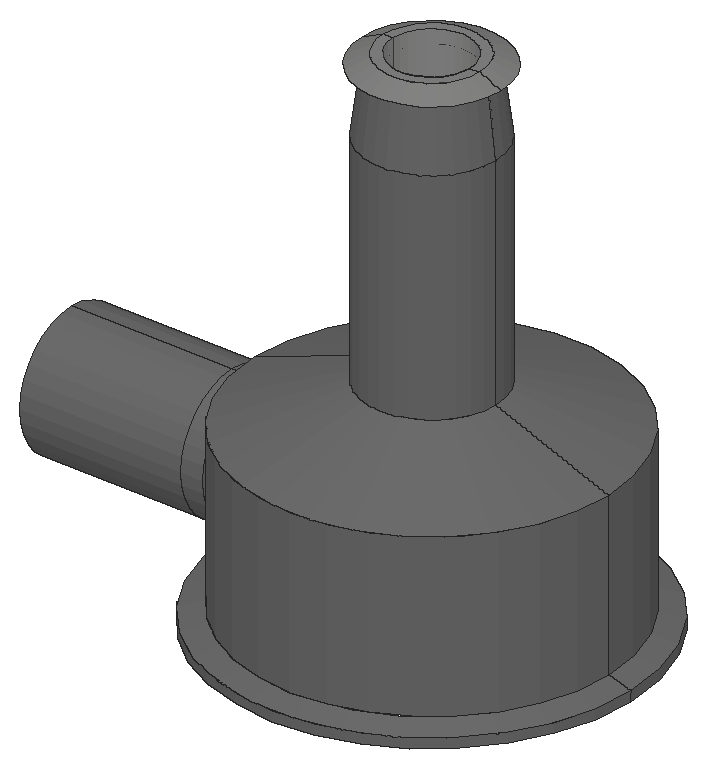
Revit family "Platek_Pico", category Apparecchi per illuminazione, host Superficie, Revit 2017 (continued)
Types (3, lengths in mm): name | Wattage | PLATEK Article Code | built-in parameter 1150142 | Luminaire Luminous Intensity | Luminaire Luminous Flux | built-in parameter 1150105 | built-in parameter 1150106 | Lumens | File diagramma fotometrico | Codice assieme | Beam Angle
  (no name) | 0.572229 W | "8495011" | "IESNA:LM-63-2002\r\n[TEST] 8495011\r\n[TESTLAB] Platek srl\r\n[TESTDATE] 11 Feb 2016\r\n[ISSUEDATE] 11 Feb 2016\r\n[MANUFAC] Platek srl\r\n[LUMCAT] 8495011\r\n[LUMINAIRE] Pico Full Inox 1,4W (LED - 3000K) 20° Medium\r\n[FLASHAREA] 0.000027\r\n[LAMPCAT] LED\r\n[LAMP] LED\r\nTILT=NONE\r\n1 95.00 1.0 91 73 1 2 -0.012 -0.012 0.000\r\n1.00 1.00 1.40\r\n0.00 1.00 2.00 3.00 4.00 5.00 6.00 7.00 8.00 9.00 10.00 \r\n11.00 12.00 13.00 14.00 15.00 16.00 17.00 18.00 19.00 \r\n20.00 21.00 22.00 23.00 24.00 25.00 26.00 27.00 28.00 \r\n29.00 30.00 31.00 32.00 33.00 34.00 35.00 36.00 37.00 \r\n38.00 39.00 40.00 41.00 42.00 43.00 44.00 45.00 46.00 \r\n47.00 48.00 49.00 50.00 51.00 52.00 53.00 54.00 55.00 \r\n56.00 57.00 58.00 59.00 60.00 61.00 62.00 63.00 64.00 \r\n65.00 66.00 67.00 68.00 69.00 70.00 71.00 72.00 73.00 \r\n74.00 75.00 76.00 77.00 78.00 79.00 80.00 81.00 82.00 \r\n83.00 84.00 85.00 86.00 87.00 88.00 89.00 90.00 \r\n0.00 5.00 10.00 15.00 20.00 25.00 30.00 35.00 40.00 45.00 \r\n50.00 55.00 60.00 65.00 70.00 75.00 80.00 85.00 90.00 \r\n95.00 100.00 105.00 110.00 115.00 120.00 125.00 130.00 \r\n135.00 140.00 145.00 150.00 155.00 160.00 165.00 170.00 \r\n175.00 180.00 185.00 190.00 195.00 200.00 205.00 210.00 \r\n215.00 220.00 225.00 230.00 235.00 240.00 245.00 250.00 \r\n255.00 260.00 265.00 270.00 275.00 280.00 285.00 290.00 \r\n295.00 300.00 305.00 310.00 315.00 320.00 325.00 330.00 \r\n335.00 340.00 345.00 350.00 355.00 360.00 \r\n662.15 652.65 641.25 623.20 590.90 547.20 493.05 442.70 \r\n393.30 346.75 299.25 256.50 216.60 179.55 146.30 117.80 \r\n93.20 73.63 57.57 45.22 35.24 27.93 22.42 18.62 15.96 \r\n13.68 11.59 9.97 8.90 8.16 7.28 6.17 5.21 4.37 3.69 2.78 \r\n2.09 1.57 1.45 1.32 1.16 1.03 0.99 1.07 1.06 1.11 1.11 \r\n1.19 1.22 1.34 1.43 1.47 1.32 1.16 1.01 0.98 0.88 0.79 \r\n0.61 0.50 0.41 0.38 0.33 0.27 0.22 0.20 0.22 0.21 0.18 \r\n0.13 0.10 0.07 0.06 0.05 0.04 0.03 0.03 0.02 0.03 0.03 \r\n0.03 0.02 0.01 0.00 0.00 0.00 0.00 0.00 0.00 0.00 0.00 \r\n662.15 649.80 638.40 623.20 591.85 547.20 493.05 443.65 \r\n395.20 347.70 299.25 255.55 214.70 177.65 144.40 115.90 \r\n92.25 73.34 57.66 45.31 35.53 28.21 22.80 18.81 16.05 \r\n13.78 11.78 10.07 9.06 8.32 7.39 6.19 5.10 4.22 3.58 2.77 \r\n2.14 1.61 1.48 1.34 1.20 1.03 0.94 0.99 1.00 1.06 1.05 \r\n1.15 1.19 1.34 1.40 1.42 1.24 1.09 0.95 0.96 0.89 0.85 \r\n0.67 0.55 0.42 0.38 0.32 0.29 0.25 0.25 0.25 0.22 0.18 \r\n0.13 0.11 0.08 0.08 0.06 0.06 0.04 0.03 0.02 0.02 0.02 \r\n0.02 0.01 0.00 0.00 0.00 0.00 0.00 0.00 0.00 0.00 0.00 \r\n662.15 655.50 646.00 627.00 591.85 546.25 494.95 444.60 \r\n395.20 345.80 298.30 253.65 212.80 174.80 142.50 114.95 \r\n92.63 74.20 58.62 45.98 36.10 28.50 23.18 18.91 16.25 \r\n13.78 12.06 10.26 9.06 8.11 7.29 6.16 5.04 4.07 3.37 2.69 \r\n2.11 1.61 1.38 1.26 1.20 1.09 1.01 1.03 1.02 1.06 1.04 \r\n1.14 1.19 1.32 1.31 1.28 1.10 1.01 0.93 1.00 0.98 0.95 \r\n0.75 0.60 0.45 0.41 0.37 0.34 0.31 0.30 0.30 0.26 0.21 \r\n0.14 0.10 0.07 0.07 0.07 0.07 0.06 0.03 0.02 0.01 0.01 \r\n0.02 0.01 0.00 0.00 0.00 0.00 0.00 0.00 0.00 0.00 0.00 \r\n662.15 653.60 641.25 621.30 588.05 545.30 497.80 446.50 \r\n395.20 343.90 296.40 251.75 209.95 172.90 142.50 114.95 \r\n93.00 74.39 59.28 46.74 36.58 28.50 22.89 18.52 15.96 \r\n13.68 12.06 10.36 9.05 7.93 7.07 5.99 4.92 3.95 3.30 2.71 \r\n2.16 1.61 1.32 1.24 1.24 1.16 1.04 0.99 0.98 1.00 1.00 \r\n1.09 1.14 1.24 1.20 1.13 0.98 0.95 0.95 1.04 1.04 1.00 \r\n0.80 0.63 0.49 0.43 0.39 0.36 0.33 0.30 0.28 0.23 0.18 \r\n0.13 0.09 0.06 0.06 0.08 0.09 0.08 0.05 0.03 0.01 0.01 \r\n0.01 0.01 0.01 0.00 0.00 0.00 0.00 0.00 0.00 0.00 0.00 \r\n662.15 652.65 638.40 616.55 582.35 542.45 495.90 445.55 \r\n394.25 342.95 297.35 252.70 210.90 173.85 143.45 116.85 \r\n94.34 74.95 59.85 47.12 36.86 28.50 22.99 18.81 16.15 \r\n13.78 12.26 10.45 9.03 7.76 6.91 5.92 4.96 4.01 3.32 2.68 \r\n2.10 1.57 1.29 1.24 1.25 1.16 1.06 1.03 1.04 1.04 1.08 \r\n1.15 1.20 1.21 1.13 1.05 0.95 0.94 0.95 1.01 1.01 0.94 \r\n0.78 0.62 0.51 0.45 0.41 0.34 0.30 0.27 0.25 0.20 0.16 \r\n0.11 0.08 0.05 0.05 0.08 0.10 0.10 0.06 0.04 0.02 0.02 \r\n0.01 0.02 0.01 0.01 0.00 0.00 0.00 0.00 0.00 0.00 0.00 \r\n662.15 646.00 628.90 609.90 578.55 542.45 495.90 446.50 \r\n394.25 343.90 296.40 250.80 209.95 172.90 143.45 116.85 \r\n94.14 74.48 59.66 46.93 37.05 28.79 23.37 19.19 16.34 \r\n13.87 12.06 10.45 9.13 7.88 6.84 5.74 4.86 4.03 3.46 2.79 \r\n2.23 1.67 1.41 1.26 1.23 1.10 1.03 0.99 1.04 1.06 1.14 \r\n1.21 1.22 1.18 1.09 1.04 1.01 1.00 1.00 0.95 0.89 0.79 \r\n0.68 0.57 0.52 0.47 0.45 0.37 0.31 0.25 0.22 0.17 0.15 \r\n0.12 0.09 0.06 0.06 0.09 0.10 0.10 0.07 0.06 0.03 0.02 \r\n0.01 0.02 0.02 0.02 0.01 0.00 0.00 0.00 0.00 0.00 0.00 \r\n662.15 643.15 626.05 607.05 577.60 539.60 494.00 444.60 \r\n394.25 342.95 295.45 248.90 208.05 171.95 142.50 115.90 \r\n93.67 74.20 59.28 46.65 37.24 29.36 24.23 19.95 16.82 \r\n13.96 11.88 10.26 9.05 7.90 6.86 5.70 4.84 4.04 3.47 2.79 \r\n2.24 1.74 1.46 1.25 1.13 1.02 0.99 1.00 1.08 1.15 1.25 \r\n1.30 1.27 1.18 1.09 1.06 1.08 1.06 1.04 0.92 0.82 0.69 \r\n0.62 0.55 0.53 0.51 0.49 0.41 0.33 0.25 0.21 0.18 0.17 \r\n0.15 0.12 0.10 0.08 0.09 0.09 0.09 0.06 0.05 0.03 0.02 \r\n0.01 0.03 0.03 0.02 0.01 0.00 0.00 0.00 0.00 0.00 0.00 \r\n662.15 646.00 632.70 613.70 582.35 540.55 494.95 444.60 \r\n394.25 341.05 292.60 246.05 206.15 170.05 139.65 114.00 \r\n91.48 72.96 58.33 46.27 37.24 29.55 24.32 19.86 16.63 \r\n13.68 11.50 9.88 8.89 7.88 6.85 5.61 4.69 3.92 3.43 2.85 \r\n2.39 1.92 1.58 1.26 1.09 1.00 1.01 1.03 1.10 1.18 1.29 \r\n1.36 1.31 1.20 1.08 1.08 1.13 1.16 1.11 0.99 0.82 0.68 \r\n0.60 0.57 0.57 0.55 0.52 0.44 0.35 0.26 0.22 0.19 0.20 \r\n0.19 0.16 0.13 0.10 0.10 0.07 0.07 0.06 0.05 0.03 0.02 \r\n0.02 0.03 0.03 0.03 0.02 0.01 0.00 0.00 0.00 0.00 0.00 \r\n662.15 650.75 640.30 619.40 585.20 537.70 490.20 439.85 \r\n389.50 338.20 289.75 245.10 205.20 169.10 137.75 111.15 \r\n89.59 71.92 57.48 45.79 36.86 29.36 23.94 19.57 16.34 \r\n13.59 11.40 9.79 8.81 7.96 7.03 5.81 4.78 3.92 3.33 2.82 \r\n2.41 2.00 1.61 1.29 1.09 1.03 1.04 1.07 1.14 1.24 1.37 \r\n1.43 1.36 1.22 1.07 1.07 1.12 1.19 1.14 1.04 0.89 0.77 \r\n0.66 0.64 0.62 0.59 0.53 0.42 0.34 0.25 0.23 0.22 0.23 \r\n0.21 0.18 0.15 0.12 0.10 0.07 0.06 0.05 0.04 0.03 0.02 \r\n0.02 0.03 0.03 0.03 0.01 0.01 0.00 0.00 0.00 0.00 0.00 \r\n662.15 658.35 648.85 626.05 588.05 539.60 487.35 435.10 \r\n383.80 333.45 285.95 243.20 203.30 167.20 135.85 109.25 \r\n88.06 70.87 56.52 45.13 36.38 29.07 23.66 19.29 16.15 \r\n13.59 11.40 9.79 8.71 7.86 6.96 5.85 4.81 3.90 3.27 2.80 \r\n2.46 2.12 1.74 1.42 1.19 1.11 1.07 1.10 1.14 1.25 1.35 \r\n1.42 1.34 1.20 1.05 1.07 1.17 1.24 1.19 1.08 0.94 0.83 \r\n0.74 0.70 0.65 0.59 0.51 0.41 0.34 0.28 0.25 0.24 0.22 \r\n0.19 0.16 0.15 0.13 0.12 0.09 0.07 0.06 0.06 0.04 0.03 \r\n0.02 0.03 0.02 0.02 0.01 0.01 0.00 0.01 0.01 0.01 0.00 \r\n662.15 654.55 642.20 621.30 586.15 538.65 485.45 430.35 \r\n379.05 329.65 283.10 239.40 200.45 166.25 134.90 109.25 \r\n88.06 70.78 55.95 44.65 35.81 29.07 23.75 19.76 16.63 \r\n14.06 11.88 10.07 8.89 8.00 7.11 6.09 5.02 4.08 3.32 2.86 \r\n2.49 2.18 1.76 1.44 1.19 1.07 1.01 1.05 1.08 1.18 1.24 \r\n1.34 1.30 1.20 1.10 1.12 1.20 1.21 1.15 1.03 0.91 0.84 \r\n0.76 0.73 0.65 0.56 0.46 0.38 0.34 0.30 0.27 0.25 0.22 \r\n0.19 0.16 0.14 0.13 0.12 0.10 0.08 0.06 0.06 0.04 0.03 \r\n0.02 0.02 0.02 0.02 0.01 0.00 0.01 0.02 0.02 0.02 0.00 \r\n662.15 656.45 642.20 621.30 582.35 536.75 483.55 430.35 \r\n378.10 327.75 279.30 235.60 197.60 164.35 134.90 110.20 \r\n88.45 70.58 55.38 44.37 35.72 29.36 24.04 20.14 17.10 \r\n14.54 12.26 10.45 9.03 7.99 7.01 6.08 5.04 4.16 3.40 2.94 \r\n2.51 2.20 1.78 1.50 1.21 1.06 0.97 1.01 1.03 1.12 1.18 \r\n1.29 1.30 1.25 1.24 1.24 1.28 1.22 1.13 0.97 0.86 0.81 \r\n0.76 0.72 0.60 0.47 0.37 0.33 0.32 0.31 0.27 0.23 0.18 \r\n0.17 0.15 0.14 0.13 0.11 0.09 0.08 0.07 0.06 0.05 0.04 \r\n0.02 0.02 0.02 0.01 0.01 0.00 0.01 0.02 0.02 0.02 0.00 \r\n662.15 652.65 636.50 613.70 573.80 530.10 480.70 429.40 \r\n378.10 325.85 277.40 232.75 196.65 164.35 135.85 111.15 \r\n89.39 71.06 55.67 44.84 35.91 29.26 23.66 20.05 17.29 \r\n15.01 12.82 11.02 9.49 8.26 7.15 6.20 5.21 4.32 3.54 3.03 \r\n2.49 2.11 1.69 1.44 1.18 1.04 0.96 0.98 1.00 1.09 1.17 \r\n1.28 1.31 1.33 1.36 1.33 1.27 1.11 0.99 0.87 0.82 0.80 \r\n0.75 0.67 0.53 0.39 0.29 0.27 0.28 0.28 0.23 0.19 0.16 \r\n0.17 0.18 0.16 0.14 0.10 0.07 0.06 0.05 0.05 0.05 0.03 \r\n0.02 0.02 0.02 0.02 0.01 0.00 0.00 0.01 0.01 0.01 0.00 \r\n662.15 657.40 639.35 609.90 564.30 519.65 473.10 426.55 \r\n377.15 324.90 276.45 232.75 195.70 162.45 134.90 110.20 \r\n88.35 70.11 55.58 45.22 36.29 29.16 23.37 19.86 17.20 \r\n15.01 13.02 11.30 9.79 8.35 7.15 6.11 5.19 4.30 3.56 2.91 \r\n2.28 1.86 1.56 1.40 1.23 1.10 1.02 1.00 1.04 1.19 1.28 \r\n1.35 1.34 1.39 1.43 1.39 1.27 1.06 0.95 0.88 0.87 0.85 \r\n0.78 0.65 0.50 0.37 0.29 0.27 0.26 0.26 0.20 0.15 0.12 \r\n0.13 0.16 0.16 0.14 0.11 0.07 0.05 0.04 0.05 0.05 0.03 \r\n0.02 0.02 0.01 0.01 0.01 0.00 0.00 0.00 0.00 0.00 0.00 \r\n662.15 653.60 633.65 602.30 557.65 513.95 469.30 423.70 \r\n375.25 324.90 276.45 232.75 193.80 160.55 133.00 108.30 \r\n87.40 69.64 55.95 45.51 36.48 28.88 23.18 19.66 17.10 \r\n14.92 13.02 11.40 9.88 8.43 7.30 6.17 5.29 4.30 3.50 2.71 \r\n2.08 1.64 1.42 1.28 1.18 1.06 1.00 0.96 1.03 1.18 1.28 \r\n1.31 1.27 1.33 1.41 1.37 1.22 0.99 0.89 0.89 0.95 0.92 \r\n0.83 0.67 0.54 0.41 0.35 0.31 0.28 0.26 0.20 0.15 0.11 \r\n0.11 0.13 0.14 0.13 0.11 0.08 0.06 0.04 0.03 0.03 0.02 \r\n0.02 0.02 0.01 0.01 0.00 0.00 0.00 0.00 0.00 0.00 0.00 \r\n662.15 659.30 641.25 607.05 558.60 512.05 465.50 418.95 \r\n371.45 323.00 277.40 232.75 193.80 159.60 131.10 106.40 \r\n85.88 68.78 55.95 45.51 36.86 29.36 24.23 20.33 17.39 \r\n14.82 12.73 11.12 9.79 8.44 7.32 6.09 5.18 4.13 3.33 2.52 \r\n1.95 1.53 1.33 1.17 1.08 0.98 0.96 0.93 1.03 1.18 1.31 \r\n1.34 1.31 1.32 1.37 1.31 1.19 0.98 0.92 0.96 1.00 0.95 \r\n0.83 0.68 0.58 0.48 0.42 0.36 0.32 0.27 0.20 0.14 0.09 \r\n0.08 0.09 0.10 0.09 0.09 0.07 0.06 0.04 0.03 0.02 0.01 \r\n0.01 0.01 0.01 0.00 0.00 0.00 0.00 0.00 0.00 0.00 0.00 \r\n662.15 657.40 639.35 604.20 559.55 513.00 466.45 418.95 \r\n370.50 323.95 277.40 233.70 194.75 160.55 132.05 107.35 \r\n86.73 69.83 56.72 45.79 37.52 30.59 25.55 21.28 17.77 \r\n14.92 12.63 11.02 9.69 8.46 7.33 6.09 5.05 3.99 3.17 2.40 \r\n1.90 1.51 1.28 1.08 0.93 0.84 0.83 0.82 0.93 1.06 1.24 \r\n1.32 1.34 1.33 1.35 1.28 1.15 0.96 0.90 0.94 0.97 0.92 \r\n0.80 0.67 0.57 0.47 0.41 0.35 0.32 0.28 0.22 0.15 0.09 \r\n0.07 0.06 0.07 0.06 0.06 0.06 0.05 0.03 0.01 0.01 0.00 \r\n0.00 0.00 0.00 0.00 0.00 0.00 0.00 0.00 0.00 0.00 0.00 \r\n662.15 650.75 632.70 600.40 560.50 512.05 463.60 415.15 \r\n368.60 323.00 278.35 234.65 196.65 162.45 133.00 108.30 \r\n87.88 71.25 57.95 47.02 38.95 32.40 27.27 22.42 18.34 \r\n15.20 13.02 11.50 10.07 8.82 7.46 6.07 4.84 3.74 2.92 \r\n2.21 1.77 1.45 1.24 1.03 0.84 0.75 0.76 0.80 0.91 1.05 \r\n1.25 1.40 1.46 1.43 1.39 1.29 1.17 1.01 0.95 0.95 0.95 \r\n0.87 0.75 0.59 0.48 0.39 0.35 0.30 0.27 0.23 0.19 0.14 \r\n0.09 0.06 0.06 0.06 0.05 0.04 0.03 0.03 0.02 0.01 0.00 \r\n0.00 0.00 0.00 0.00 0.00 0.00 0.00 0.00 0.00 0.00 0.00 \r\n0.00 \r\n662.15 635.55 614.65 588.05 555.75 509.20 460.75 412.30 \r\n366.70 323.95 280.25 236.55 197.60 162.45 133.95 109.25 \r\n90.06 73.44 59.76 48.36 40.19 33.73 28.21 22.99 18.71 \r\n15.77 13.78 12.26 10.83 9.41 7.84 6.22 4.74 3.52 2.64 \r\n1.95 1.56 1.31 1.14 0.95 0.74 0.66 0.67 0.75 0.87 1.04 \r\n1.24 1.41 1.47 1.43 1.38 1.30 1.21 1.06 0.99 0.95 0.93 \r\n0.83 0.71 0.54 0.43 0.34 0.32 0.27 0.25 0.22 0.19 0.14 \r\n0.09 0.06 0.05 0.06 0.05 0.04 0.03 0.02 0.01 0.00 0.00 \r\n0.00 0.00 0.00 0.00 0.00 0.00 0.00 0.00 0.00 0.00 0.00 \r\n0.00 \r\n662.15 629.85 607.05 583.30 553.85 507.30 456.00 404.70 \r\n361.00 320.15 277.40 235.60 196.65 162.45 133.95 111.15 \r\n91.86 75.43 61.56 50.06 41.33 34.30 28.50 23.37 19.29 \r\n16.53 14.82 13.39 11.78 10.17 8.31 6.43 4.73 3.34 2.36 \r\n1.68 1.34 1.17 1.02 0.85 0.69 0.66 0.68 0.77 0.87 1.04 \r\n1.23 1.39 1.44 1.40 1.32 1.24 1.19 1.10 1.06 1.01 0.96 \r\n0.85 0.70 0.51 0.40 0.33 0.31 0.28 0.24 0.21 0.17 0.12 \r\n0.09 0.07 0.07 0.08 0.07 0.05 0.03 0.02 0.01 0.01 0.00 \r\n0.01 0.02 0.02 0.02 0.01 0.00 0.00 0.00 0.00 0.00 0.00 \r\n0.00 \r\n662.15 634.60 609.90 582.35 550.05 504.45 455.05 403.75 \r\n358.15 315.40 273.60 233.70 194.75 161.50 133.95 112.10 \r\n92.63 76.38 62.41 50.83 41.42 33.91 28.21 23.56 19.95 \r\n17.39 15.48 13.96 12.26 10.45 8.54 6.56 4.72 3.26 2.21 \r\n1.53 1.16 1.00 0.85 0.72 0.65 0.69 0.74 0.82 0.90 1.05 \r\n1.20 1.32 1.37 1.31 1.21 1.07 1.06 1.05 1.06 1.03 0.96 \r\n0.86 0.72 0.56 0.47 0.43 0.39 0.34 0.29 0.26 0.21 0.17 \r\n0.12 0.10 0.10 0.09 0.07 0.05 0.03 0.03 0.02 0.01 0.01 \r\n0.02 0.04 0.04 0.04 0.02 0.01 0.00 0.00 0.00 0.00 0.00 \r\n0.00 \r\n662.15 645.05 622.25 589.95 550.05 504.45 455.05 404.70 \r\n356.25 309.70 266.95 228.00 191.90 161.50 133.95 112.10 \r\n92.44 76.28 62.61 51.30 41.52 33.73 28.21 24.13 20.71 \r\n18.05 15.87 14.15 12.26 10.36 8.40 6.45 4.62 3.17 2.16 \r\n1.49 1.10 0.87 0.72 0.64 0.67 0.75 0.82 0.87 0.95 1.07 \r\n1.20 1.28 1.34 1.28 1.20 1.04 1.03 1.04 1.09 1.07 1.01 \r\n0.91 0.77 0.64 0.54 0.47 0.40 0.36 0.30 0.28 0.23 0.21 \r\n0.18 0.16 0.14 0.12 0.09 0.06 0.04 0.04 0.03 0.02 0.02 \r\n0.03 0.05 0.06 0.06 0.04 0.02 0.01 0.00 0.00 0.00 0.00 \r\n0.00 \r\n662.15 649.80 627.95 591.85 546.25 499.70 452.20 405.65 \r\n354.35 305.90 262.20 225.15 190.95 160.55 133.95 112.10 \r\n91.67 75.91 62.70 51.77 41.99 34.20 28.69 24.80 21.47 \r\n18.52 15.96 13.78 11.78 10.07 8.15 6.22 4.40 3.00 2.09 \r\n1.49 1.09 0.80 0.65 0.63 0.72 0.82 0.91 0.98 1.07 1.18 \r\n1.27 1.31 1.35 1.28 1.22 1.07 1.05 1.04 1.08 1.07 1.04 \r\n0.97 0.86 0.76 0.65 0.57 0.46 0.39 0.31 0.29 0.26 0.26 \r\n0.23 0.22 0.18 0.14 0.10 0.08 0.06 0.05 0.04 0.02 0.03 \r\n0.04 0.06 0.07 0.06 0.05 0.02 0.01 0.00 0.00 0.00 0.00 \r\n0.00 \r\n662.15 649.80 628.90 592.80 544.35 494.95 447.45 401.85 \r\n352.45 304.00 261.25 224.20 191.90 162.45 134.90 112.10 \r\n92.15 76.28 63.37 52.63 43.13 35.34 29.64 25.37 21.85 \r\n18.71 16.05 13.87 11.88 9.97 8.03 6.01 4.25 2.86 2.04 \r\n1.50 1.15 0.84 0.70 0.70 0.80 0.86 0.95 1.01 1.13 1.22 \r\n1.32 1.34 1.38 1.33 1.31 1.23 1.18 1.12 1.10 1.08 1.05 \r\n1.01 0.92 0.82 0.70 0.61 0.49 0.41 0.31 0.27 0.25 0.27 \r\n0.27 0.26 0.21 0.17 0.13 0.11 0.10 0.07 0.06 0.04 0.05 \r\n0.05 0.07 0.07 0.06 0.04 0.02 0.00 0.00 0.00 0.00 0.00 \r\n0.00 \r\n662.15 646.95 623.20 586.15 536.75 487.35 438.90 396.15 \r\n347.70 302.10 260.30 225.15 193.80 163.40 135.85 112.10 \r\n93.00 77.42 64.60 53.58 44.37 36.38 30.40 25.75 22.23 \r\n19.19 16.63 14.35 12.35 10.36 8.32 6.09 4.23 2.76 1.95 \r\n1.41 1.10 0.85 0.79 0.84 0.92 0.94 1.00 1.04 1.14 1.20 \r\n1.29 1.35 1.43 1.42 1.40 1.31 1.24 1.13 1.10 1.05 1.06 \r\n1.04 0.98 0.88 0.78 0.70 0.58 0.47 0.34 0.28 0.26 0.28 \r\n0.29 0.26 0.21 0.17 0.14 0.14 0.13 0.11 0.08 0.06 0.07 \r\n0.08 0.09 0.08 0.05 0.03 0.01 0.01 0.00 0.00 0.00 0.00 \r\n0.00 \r\n662.15 646.95 622.25 587.10 537.70 487.35 437.00 392.35 \r\n346.75 303.05 262.20 226.10 193.80 162.45 134.90 112.10 \r\n93.86 78.56 65.27 53.96 44.74 36.86 30.78 26.03 22.52 \r\n19.76 17.29 15.20 13.21 11.02 8.74 6.32 4.40 2.88 1.97 \r\n1.36 1.05 0.88 0.86 0.93 1.00 1.00 1.02 1.04 1.13 1.17 \r\n1.25 1.34 1.46 1.52 1.51 1.40 1.28 1.18 1.17 1.09 1.08 \r\n1.04 1.02 0.91 0.79 0.70 0.61 0.50 0.38 0.30 0.28 0.29 \r\n0.29 0.26 0.21 0.17 0.14 0.14 0.14 0.13 0.11 0.10 0.10 \r\n0.11 0.10 0.08 0.04 0.02 0.01 0.01 0.01 0.00 0.01 0.03 \r\n0.00 \r\n662.15 645.05 616.55 580.45 533.90 485.45 436.05 389.50 \r\n342.95 300.20 260.30 224.20 191.90 160.55 133.95 112.10 \r\n94.24 79.52 65.93 54.34 44.84 37.24 31.25 26.60 23.18 \r\n20.33 17.77 15.58 13.59 11.59 9.21 6.68 4.62 2.99 1.99 \r\n1.32 0.99 0.84 0.84 0.93 1.05 1.06 1.04 1.06 1.14 1.23 \r\n1.29 1.38 1.46 1.53 1.52 1.41 1.31 1.19 1.19 1.12 1.12 \r\n1.07 1.05 0.93 0.80 0.67 0.58 0.50 0.41 0.36 0.34 0.32 \r\n0.29 0.25 0.22 0.18 0.15 0.13 0.13 0.14 0.13 0.13 0.12 \r\n0.12 0.09 0.07 0.03 0.02 0.01 0.01 0.01 0.00 0.01 0.04 \r\n0.25 \r\n662.15 640.30 611.80 574.75 531.05 484.50 436.05 389.50 \r\n342.00 299.25 259.35 224.20 190.00 159.60 132.05 111.15 \r\n94.14 79.61 65.83 54.53 45.13 37.62 31.73 27.17 23.66 \r\n20.62 17.77 15.39 13.39 11.40 9.22 6.82 4.80 3.13 2.04 \r\n1.36 1.02 0.87 0.81 0.90 1.04 1.11 1.08 1.06 1.15 1.26 \r\n1.32 1.36 1.38 1.42 1.42 1.34 1.27 1.19 1.22 1.14 1.14 \r\n1.07 1.05 0.93 0.77 0.63 0.54 0.49 0.44 0.40 0.36 0.31 \r\n0.28 0.25 0.24 0.21 0.17 0.14 0.12 0.13 0.12 0.13 0.10 \r\n0.10 0.07 0.06 0.03 0.02 0.01 0.01 0.01 0.00 0.01 0.03 \r\n0.00 \r\n662.15 634.60 603.25 5
